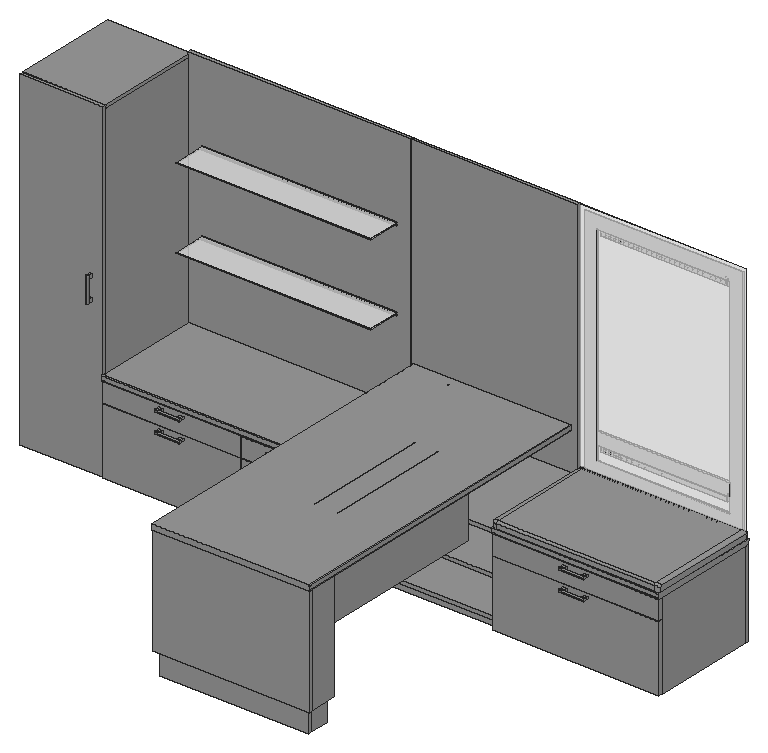
Revit family "JSI-Vision-Typical_Veneer-VSV135", category Furniture, Revit 2020
Family settings
  OmniClass Number = 23.40.20.00
  OmniClass Title = General Furniture and Specialties
  Work Plane-Based = No
  Always vertical = Yes
  Cut with Voids When Loaded = No
  Shared = No
  Room Calculation Point = No
Parameters (values of type "VSV135")
  URL = "www.jsifurniture.com"
  Type Comments = "Typical Veneer"  # constant formula
  Model = "VSV135"
  Manufacturer = "JSI"  # constant formula
  Keynote = "12500"
  Default Elevation = 0"
  Assembly Code = "E2020200"
Reference planes (in)
  plane 1 "Center Front/Back": y = 0
  plane 2: z = 0
  plane 3 "Center Left/Right": x = 0
Dimensions and locks (in)
  aligned and locked: level to plane 2
Nested families (in)
  nested 1: "JSI-Vision-Bench_Height_Cushion" at (101.875, 0, 0.4315), type "VSB2436CUSH, 24d Bench H Cushion, 36 W"
  nested 2: "JSI-Vision-Wall_Panel_Magnetic_Glass" at (101.875, 0, -9.569), type "VSB3653WPGP, Wall Panel Magnetic Glass 52 3/16"H, 36"W"
  nested 3: "JSI-Vision-Wardrobe" at (0, 0, 0), type "VSV2418-72WL - Wardrobe - 1 Doors 30"W x 24"D x 72"H"
    with Vertical Partition no, Top-Right Shelve no, Width 18", Unit Centre 8 15/16", Shelve Width 7 13/16", Right surface Dist. to Vertical Partition 3/4", Right Door no, Pull Distance 15 1/4", Left Shelves no, Height 72", Hanging Bar Distance 6 3/4", Door Width 17 3/4", Bottom-Right Shelves yes, Adjustable Shelves Array Distance 13.95", Actual Width 17 7/8", Actual Height 71 11/16", # of Adjustable Shelves 4
  nested 4: "JSI-Vision-Wall_Panel_Markerboard_Laminate-Glass_Shelf" at (17.875, 0, 0.1185), type "VSV4853WPGS, Wall Panel with Glass Shelf 52 3/16"H, 48"W"
    with Two Shelves yes, Qty Shelf 2, One Shelf no, Dist Shelf 17 13/32", Width 48", Height 52 3/16"
  nested 5: "JSI-Vision-Box_File_Modular_Bench_Pedestal" at (47.875, -0.125, 0), type "VSVB2418MBF - Veneer BF Modular Bench H Ped"
    with Height 18.744", Depth 24"
  nested 6: "JSI-Vision-Box_File_Modular_Bench_Pedestal" at (17.875, -0.125, 0), type "VSVB2430MBF - Veneer BF Modular Bench H Ped"
    with Width 30", Height 18.744", Depth 24"
  nested 7: "JSI-Vision-Box_File_Modular_Bench_Pedestal" at (101.875, 0, 0), type "VSVB2436MBF - Veneer BF Modular Bench H Ped"
    with Width 36", Height 18.744", Depth 24"
  nested 8: "JSI-Vision-Bench_Height_Modular_Top" at (101.875, 0, -0.756), type "VSVB2436MT, Veneer Mod Bench H Top, 24" x 36""
    with Width 36", Depth 24"
  nested 9: "JSI-Vision-Bench_Height_Modular_Top" at (17.875, -0.125, -0.756), type "VSVB2448MT, Veneer Mod Bench H Top, 24" x 48""
    with Width 48", Depth 24"
  nested 10: "JSI-Vision-Adj_Height_Peninsula_Desk-Credenza" at (101.875, 0, 0) x (0, -1, 0) z (0, 0, 1), type "VSVB3672-AH24PDR, Adj Height Peninsula Desk Credenza 20"H, 72"W"
  nested 11: "JSI-Vision-Wall_Panel_Laminate" at (65.875, 0, -9.5685), type "VSV3653WP, Veneer Wall Panel - 7 15/16d x 36w x 52 3/16h"
    with Width 36", Height 52.187"
  nested 12: "JSI-Vision-Filler_Back_Panel_for_Bench_Height" at (133.875, 0, 0), type "VSVB0419MBK, Filler Back Panel for Bench Height 18 3/4"H, 4"W"
Definition of nested family "JSI-Vision-Bench_Height_Cushion"
  Parameters (values of type "Type Catalog")
    Width = 36"
    URL = "www.jsifurniture.com"
    Type Comments = ""
    Series = "Vision Casegoods"  # constant formula
    Model = "Type Catalog"
    Material = ""
    Manufacturer = "JSI"  # constant formula
    Keynote = "12500"
    JSI Enviromental Website = "http://www.jsifurniture.com/jsi_sustainability_intro.php"
    Height = 1 1/2"
    Description = "Type Catalog"
    Depth = 24"
    Default Elevation = 0"
    Cushion Finish = none
    Bench Height = 19 1/2"
    Assembly Code = "E2020200"
  Reference planes (in)
    plane 1 "Center Front/Back": y = 0
    plane 2: z = 0
    plane 3 "Center Left/Right": x = 0
    plane 4: z = 0
    plane 5: z = 19.5
    plane 6: z = 21
    plane 7: z = 20.625
    plane 8: x = 36
    plane 9: y = -24
  Forms (in)
    Sweep 1, solid, material <- "Cushion Finish"
      path origin (7.5, 51.481, 49.125) x (0, 1, 0) y (0, 0, 1)
        loop
          line (-51.481, -29.625) -> (-51.481, -28.5625)
          arc (-51.481, -28.5625) -> (-51.60914, -28.25314) -> (-51.9185, -28.125) r 0.4375
          line (-51.9185, -28.125) -> (-75.0435, -28.125)
          arc (-75.0435, -28.125) -> (-75.35286, -28.25314) -> (-75.481, -28.5625) r 0.4375
          line (-75.481, -28.5625) -> (-75.481, -29.625)
      profile origin (7.5, -12, 21) x (0, 0, -1) y (1, 0, 0)
        loop
          line (0.375, -7.5) -> (0.375, 28.5)
          spline (0.375, 28.5) -> (0.32605, 28.49144) -> (0.27794, 28.46593) -> (0.23149, 28.42388) -> (0.1875, 28.36603) -> (0.14671, 28.29335) -> (0.10983, 28.20711) -> (0.07749, 28.10876) -> (0.05024, 28) -> (0.02855, 27.88268) -> (0.01278, 27.75882) -> (0.00321, 27.63053) -> (0, 27.5)
          line (0, 27.5) -> (0, -6.5)
          spline (0, -6.5) -> (0.00321, -6.63053) -> (0.01278, -6.75882) -> (0.02855, -6.88268) -> (0.05024, -7) -> (0.07749, -7.10876) -> (0.10983, -7.20711) -> (0.14671, -7.29335) -> (0.1875, -7.36603) -> (0.23149, -7.42388) -> (0.27794, -7.46593) -> (0.32605, -7.49144) -> (0.375, -7.5)
    Extrusion 2, solid, material <- "Cushion Finish"
      sketch origin (7.5, 51.481, 49.125) x (0, 1, 0) y (0, 0, 1)
        loop
          line (-51.856, -29.625) -> (-51.856, -28.5625)
          arc (-51.856, -28.5625) -> (-51.87431, -28.51831) -> (-51.9185, -28.5) r 0.0625
          line (-51.9185, -28.5) -> (-75.0435, -28.5)
          arc (-75.0435, -28.5) -> (-75.0877, -28.51831) -> (-75.106, -28.5625) r 0.0625
          line (-75.106, -28.5625) -> (-75.106, -29.625) -> (-51.856, -29.625)
      from -7.5 to 28.5
  Lines and regions (in)
    symbolic lines
      curve 1: line (36, -0.375, 0) -> (36, -23.625, 0)
      curve 2: line (35, -24, 0) -> (1, -24, 0)
      curve 3: spline (0, -23.625, 0) -> (0.00856, -23.67395, 0) -> (0.03407, -23.72206, 0) -> (0.07612, -23.76851, 0) -> (0.13397, -23.8125, 0) -> (0.20665, -23.85329, 0) -> (0.29289, -23.89017, 0) -> (0.39124, -23.92251, 0) -> (0.5, -23.94976, 0) -> (0.61732, -23.97145, 0) -> (0.74118, -23.98722, 0) -> (0.86947, -23.99679, 0) -> (1, -24, 0)
      curve 4: spline (36, -23.625, 0) -> (35.99144, -23.67395, 0) -> (35.96593, -23.72206, 0) -> (35.92388, -23.76851, 0) -> (35.86603, -23.8125, 0) -> (35.79335, -23.85329, 0) -> (35.70711, -23.89017, 0) -> (35.60876, -23.92251, 0) -> (35.5, -23.94976, 0) -> (35.38268, -23.97145, 0) -> (35.25882, -23.98722, 0) -> (35.13053, -23.99679, 0) -> (35, -24, 0)
      curve 5: line (1, 0, 0) -> (35, 0, 0)
      curve 6: spline (36, -0.375, 0) -> (35.99144, -0.32605, 0) -> (35.96593, -0.27794, 0) -> (35.92388, -0.23149, 0) -> (35.86603, -0.1875, 0) -> (35.79335, -0.14671, 0) -> (35.70711, -0.10983, 0) -> (35.60876, -0.07749, 0) -> (35.5, -0.05024, 0) -> (35.38268, -0.02855, 0) -> (35.25882, -0.01278, 0) -> (35.13053, -0.00321, 0) -> (35, 0, 0)
      curve 7: spline (0, -0.375, 0) -> (0.00856, -0.32605, 0) -> (0.03407, -0.27794, 0) -> (0.07612, -0.23149, 0) -> (0.13397, -0.1875, 0) -> (0.20665, -0.14671, 0) -> (0.29289, -0.10983, 0) -> (0.39124, -0.07749, 0) -> (0.5, -0.05024, 0) -> (0.61732, -0.02855, 0) -> (0.74118, -0.01278, 0) -> (0.86947, -0.00321, 0) -> (1, 0, 0)
      curve 8: line (0, -0.375, 0) -> (0, -23.625, 0)
  Dimensions and locks (in)
    "Height": plane 6 to plane 5
    locked: plane 7 to plane 5 at 1.125
    "Bench Height": plane 5 to level
    "Width": plane 3 "Center Left/Right" to plane 8
    "Depth": plane 1 "Center Front/Back" to plane 9
    locked: Sweep 1 sketch curve to plane 3 "Center Left/Right" at 1
    locked: Sweep 1 sketch curve to plane 8 at 1
    aligned and locked: level to plane 2
    aligned and locked: level to plane 4
    aligned and locked: Sweep 1 to plane 5
    aligned and locked: Extrusion 2 to Sweep 1  (x3)
    aligned and locked: Extrusion 2 to plane 3 "Center Left/Right"
    aligned and locked: Extrusion 2 to plane 8
    aligned and locked: plane 1 "Center Front/Back" to Sweep 1 sketch curve
    aligned and locked: plane 9 to Sweep 1 sketch curve
    aligned and locked: Sweep 1 sketch curve to plane 6
  Automatic sketch dimensions
    Sweep 1 sketch curve to plane 5 = 0"  (x2)
    Sweep 1 sketch curve to plane 7 = 1/16"
    plane 1 "Center Front/Back" to Sweep 1 sketch curve = 7/16"
    Sweep 1 sketch curve to profile plane = 0"
    Sweep 1 sketch curve to profile plane = 3/8"
    Sweep 1 sketch curve to Sweep 1 sketch curve = 1"  (x2)
    Extrusion 2 sketch curve to plane 5 = 0"
    Extrusion 2 sketch curve to plane 7 = 0"
    plane 9 to Extrusion 2 sketch curve = 3/8"
    Extrusion 2 sketch curve to plane 7 = 1/16"
    plane 1 "Center Front/Back" to Extrusion 2 sketch curve = 7/16"
    plane 1 "Center Front/Back" to Extrusion 2 sketch curve = 3/8"
    curve 3 to plane 3 "Center Left/Right" = 0"
    curve 3 to plane 9 = 0"
    plane 1 "Center Front/Back" to curve 7 = 0"
    curve 4 to plane 8 = 0"
    plane 3 "Center Left/Right" to curve 2 = 1"
    plane 3 "Center Left/Right" to curve 5 = 1"
    plane 8 to curve 5 = 1"
    plane 8 to curve 2 = 1"
    plane 9 to curve 1 = 3/8"
    plane 1 "Center Front/Back" to curve 1 = 3/8"
    plane 9 to curve 3 = 3/8"
    plane 1 "Center Front/Back" to curve 8 = 3/8"
Definition of nested family "JSI-Vision-Wall_Panel_Magnetic_Glass"
  Parameters (values of type "VSB3653WPGP, Wall Panel Magnetic Glass 52 3/16"H, 36"W")
    Width = 36"
    URL = "www.jsifurniture.com"
    Type Comments = ""
    Series = "Vision Casegoods"  # constant formula
    Model = "VSB3653WPGP"
    Material = ""
    Manufacturer = "JSI"  # constant formula
    Keynote = "12500"  # constant formula
    SVX Enviromental Website = "http://www.jsifurniture.com/jsi_sustainability_intro.php"
    Height = 52 3/16"
    Hardware Finish = none
    Description = "Wall Panel Magnetic Glass -  7/16\"D x 36\"W x 52 3/16\"H"
    Depth = 7/16"
    Panel Finish = none
    Default Elevation = 0"
    Assembly Code = "E2020200"
  Types (2): name | Model | Height | Description
    VSB3653WPGP, Wall Panel Magnetic Glass 52 3/16"H, 36"W | "VSB3653WPGP" | 52 3/16" | "Wall Panel Magnetic Glass -  7/16\"D x 36\"W x 52 3/16\"H"
    VSB3654WPGP, Wall Panel Magnetic Glass 54 1/2"H, 36"W | "VSB3654WPGP" | 54 1/2" | "Wall Panel Magnetic Glass -  7/16\"D x 36\"W x 54 1/2\"H"
  Reference planes (in)
    plane 1 "Center Front/Back": y = 0
    plane 2: z = 0
    plane 3 "Center Left/Right": x = 0
    plane 4: z = 0
    plane 5: z = 81.6875
    plane 6: x = 36
    plane 7: y = -0.4375
    plane 8: z = 29.5
  Forms (in)
    Extrusion 1, solid, material <- "Panel Finish"
      sketch origin (0, -0.25, 0) x (1, 0, 0) y (0, 0, 1)
        loop
          line (0, 81.6875) -> (0, 29.5) -> (36, 29.5) -> (36, 81.6875) -> (0, 81.6875)
      from 0.03002 to 0.1875
    Sweep 2, solid, material <- "Hardware Finish"
      path origin (0, 0, 0) x (1, 0, 0) y (0, 0, 1)
        loop
          line (1, 80.6875) -> (1, 30.5) -> (35, 30.5) -> (35, 80.6875) -> (1, 80.6875)
      profile origin (18, 0, 80.6875) x (0, 0, 1) y (0, -1, 0)
        loop
          line (0, 0) -> (0, 0.28002) -> (-2.66142, 0.28002) -> (-2.66142, 0.20128) -> (-2.18898, 0.20128) -> (-2.18898, 0.07874) -> (-2.66142, 0.07874) -> (-2.66142, 0) -> (0, 0)
    Extrusion 3, solid, material <- "Hardware Finish"
      sketch origin (0, 0, 0) x (0, 1, 0) y (0, 0, 1)
        loop
          line (0, 36.40108) -> (0, 39.0625) -> (-0.28002, 39.0625) -> (-0.28002, 36.40108) -> (-0.20128, 36.40108) -> (-0.20128, 36.95226) -> (-0.07874, 36.95226) -> (-0.07874, 36.40108) -> (0, 36.40108)
      from 32.33858 to 3.66142
    Extrusion 4, solid, material <- "Hardware Finish"
      sketch origin (0, 0, 0) x (0, 1, 0) y (0, 0, 1)
        loop
          line (-0.1808, 36.95191) -> (-0.1808, 36.15) -> (-0.0558, 36.15) -> (-0.0558, 35.15) -> (0.0192, 35.15) -> (0.0192, 35.23062)
          arc (0.0192, 35.23062) -> (-0.01092, 35.26074) -> (0.0192, 35.29087) r 0.03012
          line (0.0192, 35.29087) -> (0.0192, 35.35562)
          arc (0.0192, 35.35562) -> (-0.01092, 35.38574) -> (0.0192, 35.41587) r 0.03012
          line (0.0192, 35.41587) -> (0.0192, 35.48062)
          arc (0.0192, 35.48062) -> (-0.01092, 35.51074) -> (0.0192, 35.54087) r 0.03012
          line (0.0192, 35.54087) -> (0.0192, 35.60562)
          arc (0.0192, 35.60562) -> (-0.01092, 35.63574) -> (0.0192, 35.66587) r 0.03012
          line (0.0192, 35.66587) -> (0.0192, 35.73062)
          arc (0.0192, 35.73062) -> (-0.01092, 35.76074) -> (0.0192, 35.79087) r 0.03012
          line (0.0192, 35.79087) -> (0.0192, 35.85562)
          arc (0.0192, 35.85562) -> (-0.01092, 35.88574) -> (0.0192, 35.91587) r 0.03012
          line (0.0192, 35.91587) -> (0.0192, 35.98062)
          arc (0.0192, 35.98062) -> (-0.01092, 36.01074) -> (0.0192, 36.04087) r 0.03012
          line (0.0192, 36.04087) -> (0.0192, 36.4) -> (-0.0858, 36.4) -> (-0.0858, 36.95191) -> (-0.1808, 36.95191)
        loop
          line (-0.1808, 78.57691) -> (-0.1808, 77.775) -> (-0.0558, 77.775) -> (-0.0558, 76.775) -> (0.0192, 76.775) -> (0.0192, 76.85562)
          arc (0.0192, 76.85562) -> (-0.01092, 76.88574) -> (0.0192, 76.91587) r 0.03012
          line (0.0192, 76.91587) -> (0.0192, 76.98062)
          arc (0.0192, 76.98062) -> (-0.01092, 77.01074) -> (0.0192, 77.04087) r 0.03012
          line (0.0192, 77.04087) -> (0.0192, 77.10562)
          arc (0.0192, 77.10562) -> (-0.01092, 77.13574) -> (0.0192, 77.16587) r 0.03012
          line (0.0192, 77.16587) -> (0.0192, 77.23062)
          arc (0.0192, 77.23062) -> (-0.01092, 77.26074) -> (0.0192, 77.29087) r 0.03012
          line (0.0192, 77.29087) -> (0.0192, 77.35562)
          arc (0.0192, 77.35562) -> (-0.01092, 77.38574) -> (0.0192, 77.41587) r 0.03012
          line (0.0192, 77.41587) -> (0.0192, 77.48062)
          arc (0.0192, 77.48062) -> (-0.01092, 77.51074) -> (0.0192, 77.54087) r 0.03012
          line (0.0192, 77.54087) -> (0.0192, 77.60562)
          arc (0.0192, 77.60562) -> (-0.01092, 77.63574) -> (0.0192, 77.66587) r 0.03012
          line (0.0192, 77.66587) -> (0.0192, 78.025) -> (-0.0858, 78.025) -> (-0.0858, 78.57691) -> (-0.1808, 78.57691)
      from 31.715 to 4.285
  Lines and regions (in)
    symbolic lines
      curve 1: line (0, -0.28002, 0) -> (36, -0.28002, 0)
      curve 2: line (0, -0.4375, 0) -> (0, -0.28002, 0)
      curve 3: line (36, -0.4375, 0) -> (0, -0.4375, 0)
      curve 4: line (36, -0.28002, 0) -> (36, -0.4375, 0)
      curve 5: line (1, -0.28002, 0) -> (1, 0, 0)
      curve 6: line (1, 0, 0) -> (35, 0, 0)
      curve 7: line (35, 0, 0) -> (35, -0.28002, 0)
  Dimensions and locks (in)
    "Width": plane 3 "Center Left/Right" to plane 6
    "Depth": plane 1 "Center Front/Back" to plane 7
    locked: plane 1 "Center Front/Back" to Extrusion 1 at 0.28002
    locked: plane 8 to plane 4 at 29.5
    "Height": plane 5 to plane 8
    locked: plane 5 to Sweep 2 sketch curve at 1
    locked: Sweep 2 sketch curve to plane 8 at 1
    locked: Sweep 2 sketch curve to plane 3 "Center Left/Right" at 1
    locked: Sweep 2 sketch curve to plane 6 at 1
    plane 5 to Sweep 2 sketch curve to Sweep 2 sketch curve to Sweep 2 sketch curve = 1" locked, 2.18898" locked, 0.47244" locked
    Extrusion 3 sketch curve to Extrusion 3 sketch curve to Extrusion 3 sketch curve to plane 8 = 2.11024" locked, 0.55118" locked, 6.90108" locked
    plane 8 to Extrusion 4 sketch curve to Extrusion 4 sketch curve to Extrusion 4 sketch curve to Extrusion 4 sketch curve to Extrusion 4 sketch curve to Extrusion 4 sketch curve to Extrusion 4 sketch curve to Extrusion 4 sketch curve to Extrusion 4 sketch curve to Extrusion 4 sketch curve to Extrusion 4 sketch curve = 5.65" locked, 0.11074" locked, 1/8" locked, 1/8" locked, 1/8" locked, 1/8" locked, 1/8" locked, 1/8" locked, 0.13926" locked, 1/4" locked, 0.55191" locked
    Extrusion 4 sketch curve to Extrusion 4 sketch curve to Extrusion 4 sketch curve to Extrusion 4 sketch curve to Extrusion 4 sketch curve to Extrusion 4 sketch curve to Extrusion 4 sketch curve to Extrusion 4 sketch curve to Extrusion 4 sketch curve to Extrusion 4 sketch curve to Extrusion 4 sketch curve to plane 5 = 0.11074" locked, 1/8" locked, 1/8" locked, 1/8" locked, 1/8" locked, 1/8" locked, 1/8" locked, 0.13926" locked, 1/4" locked, 0.55191" locked, 3.11059" locked
    locked: plane 3 "Center Left/Right" to Extrusion 4 at 4.285
    locked: plane 6 to Extrusion 4 at 4.285
    aligned and locked: level to plane 2
    aligned and locked: plane 3 "Center Left/Right" to Extrusion 1 sketch curve
    aligned and locked: plane 6 to Extrusion 1 sketch curve
    aligned and locked: Extrusion 1 to plane 7
    aligned and locked: Extrusion 1 to plane 6
    aligned and locked: Extrusion 1 to plane 3 "Center Left/Right"
    aligned and locked: Sweep 2 sketch curve to Sweep 2 sketch curve
    aligned and locked: Extrusion 1 to plane 8
    aligned and locked: Extrusion 3 sketch curve to Extrusion 3 sketch curve
    aligned and locked: Sweep 2 to Extrusion 3  (x2)
    aligned and locked: Extrusion 3 to Sweep 2
    aligned and locked: curve 1 to Extrusion 1
    aligned and locked: curve 2 to Extrusion 1
    aligned and locked: curve 3 to Extrusion 1
    aligned and locked: curve 4 to Extrusion 1
  Automatic sketch dimensions
    Extrusion 1 sketch curve to plane 8 = 0"
    Extrusion 1 sketch curve to plane 5 = 0"
    Sweep 2 sketch curve to plane 1 "Center Front/Back" = 0"
    Sweep 2 sketch curve to Sweep 2 sketch curve = 0.07874"
    Sweep 2 sketch curve to Sweep 2 sketch curve = 0.12254"
    Sweep 2 sketch curve to Sweep 2 sketch curve = 0.28002"
    Extrusion 3 sketch curve to plane 1 "Center Front/Back" = 0"
    plane 1 "Center Front/Back" to Extrusion 3 sketch curve = 0.07874"
    Extrusion 3 sketch curve to Extrusion 3 sketch curve = 0.12254"
    Extrusion 3 sketch curve to Extrusion 3 sketch curve = 0.07874"
    plane 1 "Center Front/Back" to Extrusion 4 sketch curve = 0.1808"  (x2)
    plane 1 "Center Front/Back" to Extrusion 4 sketch curve = 0.0858"  (x2)
    plane 1 "Center Front/Back" to Extrusion 4 sketch curve = 0.0558"  (x2)
    Extrusion 4 sketch curve to plane 1 "Center Front/Back" = 0.0192"  (x2)
    Extrusion 4 sketch curve to Extrusion 4 sketch curve = 0.03012"  (x14)
    plane 1 "Center Front/Back" to curve 6 = 0"
    plane 3 "Center Left/Right" to curve 6 = 1"
    curve 7 to curve 1 = 1"
Definition of nested family "JSI-Vision-Wardrobe"
  Parameters (values of type "Type Catalog")
    Vertical Partition = yes
    Top-Right Shelve = yes
    Top = none
    Width = 36"
    Unit Centre = Actual Width / 2  # 17 15/16"
    URL = "www.jsifurniture.com"
    Type Comments = ""
    Tag = "Storage/Wardrobe"
    Shelve Width = (Actual Width - 2 1/4") / 2  # 16 13/16"
    Shelve Depth = Depth - 2 13/16"  # 21 3/16"
    Series = "Vision Casegoods"  # constant formula
    Right surface Dist. to Vertical Partition = if(Vertical Partition, (Unit Centre + 3/8"), 3/4")  # 18 5/16"
    Right Door = yes
    Pull Finish = none
    Pull Distance = Door Width - 2 1/2"  # 15 5/16"
    Model = "Type Catalog"
    Material = ""
    Manufacturer = "JSI"  # constant formula
    Left Shelves = yes
    Left Door = yes
    Keynote = "12500"
    JSI Enviromental Website = "http://www.jsifurniture.com/jsi_sustainability_intro.php"
    Height = 84"
    Hanging Bar Distance = if(Height > 72", (Adjustable Shelves Array Distance + 6 3/4"), 6 3/4")  # 20 3/8"
    Door Width = if(Vertical Partition, ((Actual Width - (1/4")) / 2), (Actual Width - 1/8"))  # 17 13/16"
    Door Front = none
    Description = "Type Catalog"
    Depth = 24"
    Default Elevation = 0"
    Chassis = none
    Bottom-Right Shelves = no
    Assembly Code = "E2020200"
    Adjustable Shelves Array Distance = (Actual Height - 1 15/16") / (# of Adjustable Shelves + 1)  # 13 5/8"
    Actual Width = Width - 1/8"  # 35 7/8"
    Actual Height = if(Height > 54", (Height - 5/16"), (if(Height > 42", (Height + 1 1/8"), if(Height > 30", (Height - 3/8"), (Height - 13/16")))))  # 83 11/16"
    # of Adjustable Shelves = if(Height > 72", 5, 4)  # 5
  Reference planes (in)
    plane 1 "Center Front/Back": y = 0
    plane 2: z = 0
    plane 3 "Center Left/Right": x = 0
    plane 4: z = 0
    plane 5: x = 35.875
    plane 6: y = -0.125
    plane 7: y = -23
    plane 8: z = 83.6875
    plane 9: y = -0.875
    plane 10: y = -22.8125
    plane 11: y = -22.0625
    plane 12: x = 0.75
    plane 13: x = 35.125
    plane 14: z = 1.1875
    plane 15: z = 1.9375
    plane 16: z = 82.9375
    plane 17: z = 83.3125
    plane 18: z = 15.1875
    plane 19: z = 28.8125
    plane 20: z = 42.4375
    plane 21: z = 56.0625
    plane 22: z = 69.6875
    plane 23: z = 70.0625
    plane 24: z = 69.3125
    plane 25: z = 56.4375
    plane 26: z = 55.6875
    plane 27: z = 42.8125
    plane 28: z = 42.0625
    plane 29: z = 29.1875
    plane 30: z = 28.4375
    plane 31: z = 15.5625
    plane 32: z = 14.8125
    plane 33: x = 17.9375
    plane 34: x = 0.0625
    plane 35: x = 35.8125
    plane 36: x = 18
    plane 37: x = 17.875
    plane 38: z = 0.125
    plane 39: y = -23.125
    plane 40: y = -23.875
    plane 41: z = 1.5625
    plane 42: x = 18.3125
    plane 43: x = 17.5625
    plane 44: y = -24
    plane 45: z = 83.625
    plane 46: z = 63.3125
    plane 47: y = -11.5625
    plane 48: z = 41.84375
    plane 49: x = 20.5
    plane 50: x = 15.375
    plane 51: z = 20.3125
    plane 52: z = 19.5625
    plane 53: x = 18.3125
  Forms (in)
    Extrusion 1, solid, material <- "Chassis"
      sketch origin (0, 0, 0) x (1, 0, 0) y (0, 1, 0)
        loop
          line (0, -0.125) -> (0, -0.875) -> (35.875, -0.875) -> (35.875, -0.125) -> (0, -0.125)
      from 0 to 82.9375
    Extrusion 2, solid, material <- "Chassis"
      sketch origin (0, 0, 0) x (1, 0, 0) y (0, 1, 0)
        loop
          line (0, -0.875) -> (0, -23) -> (0.75, -23) -> (0.75, -0.875) -> (0, -0.875)
      from 0 to 82.9375
    Extrusion 3, solid, material <- "Chassis"
      sketch origin (0, 0, 0) x (1, 0, 0) y (0, 1, 0)
        loop
          line (35.125, -0.875) -> (35.125, -23) -> (35.875, -23) -> (35.875, -0.875) -> (35.125, -0.875)
      from 0 to 82.9375
    Extrusion 4, solid, material <- "Top"
      sketch origin (0, 0, 0) x (0, 1, 0) y (0, 0, 1)
        loop
          line (-0.125, 83.6875) -> (-23, 83.6875) -> (-23, 82.9375) -> (-0.125, 82.9375) -> (-0.125, 83.6875)
      from 0 to 35.875
    Extrusion 5, solid, material <- "Chassis"
      sketch origin (0, 0, 0) x (0, 1, 0) y (0, 0, 1)
        loop
          line (-0.875, 1.9375) -> (-22.0625, 1.9375) -> (-22.0625, 1.1875) -> (-0.875, 1.1875) -> (-0.875, 1.9375)
      from 0.75 to 35.125
    Extrusion 6, solid, material <- "Chassis"
      sketch origin (0, 0, 0) x (0, 1, 0) y (0, 0, 1)
        loop
          line (-22.0625, 1.9375) -> (-22.8125, 1.9375) -> (-22.8125, 0) -> (-22.0625, 0) -> (-22.0625, 1.9375)
      from 0.75 to 35.125
    Extrusion 7, solid, material <- "Door Front", visible <- "Left Door"
      sketch origin (0, 0, 0) x (1, 0, 0) y (0, 1, 0)
        loop
          line (0.0625, -23.125) -> (0.0625, -23.875) -> (17.875, -23.875) -> (17.875, -23.125) -> (0.0625, -23.125)
      from 0.125 to 83.625
    Extrusion 8, solid, material <- "Door Front", visible <- "Right Door"
      sketch origin (0, 0, 0) x (1, 0, 0) y (0, 1, 0)
        loop
          line (18, -23.125) -> (18, -23.875) -> (35.8125, -23.875) -> (35.8125, -23.125) -> (18, -23.125)
      from 0.125 to 83.625
    Extrusion 9, solid, material <- "Chassis", visible <- "Vertical Partition"
      sketch origin (0, 0, 0) x (1, 0, 0) y (0, 1, 0)
        loop
          line (17.5625, -0.875) -> (17.5625, -23) -> (18.3125, -23) -> (18.3125, -0.875) -> (17.5625, -0.875)
      from 1.9375 to 82.9375
    Extrusion 10, solid, material <- "Chassis", visible <- "Left Shelves"
      sketch origin (0, 0, 0) x (0, 1, 0) y (0, 0, 1)
        loop
          line (-0.875, 15.5625) -> (-22.0625, 15.5625) -> (-22.0625, 14.8125) -> (-0.875, 14.8125) -> (-0.875, 15.5625)
      from 0.75 to 17.5625
    Extrusion 11, solid, material <- "Chassis", visible <- "Top-Right Shelve"
      sketch origin (0, 0, 0) x (0, 1, 0) y (0, 0, 1)
        loop
          line (-0.875, 70.0625) -> (-22.0625, 70.0625) -> (-22.0625, 69.3125) -> (-0.875, 69.3125) -> (-0.875, 70.0625)
      from 18.3125 to 35.125
    Extrusion 12, solid, material <- "Pull Finish"
      sketch origin (0, 0, 0) x (0, 1, 0) y (0, 0, 1)
        loop
          circle (-11.5625, 63.3125) r 0.5
      from 18.3125 to 35.125
    Extrusion 13, solid, material <- "Chassis", visible <- "Left Shelves"
      sketch origin (0, 0, 13.625) x (0, 1, 0) y (0, 0, 1)
        loop
          line (-0.875, 15.5625) -> (-22.0625, 15.5625) -> (-22.0625, 14.8125) -> (-0.875, 14.8125) -> (-0.875, 15.5625)
      from 0.75 to 17.5625
    Extrusion 14, solid, material <- "Chassis", visible <- "Left Shelves"
      sketch origin (0, 0, 27.25) x (0, 1, 0) y (0, 0, 1)
        loop
          line (-0.875, 15.5625) -> (-22.0625, 15.5625) -> (-22.0625, 14.8125) -> (-0.875, 14.8125) -> (-0.875, 15.5625)
      from 0.75 to 17.5625
    Extrusion 15, solid, material <- "Chassis", visible <- "Left Shelves"
      sketch origin (0, 0, 40.875) x (0, 1, 0) y (0, 0, 1)
        loop
          line (-0.875, 15.5625) -> (-22.0625, 15.5625) -> (-22.0625, 14.8125) -> (-0.875, 14.8125) -> (-0.875, 15.5625)
      from 0.75 to 17.5625
    Extrusion 16, solid, material <- "Chassis", visible <- "Bottom-Right Shelves"
      sketch origin (0, 0, 0) x (0, 1, 0) y (0, 0, 1)
        loop
          line (-22.0625, 29.1875) -> (-22.0625, 28.4375) -> (-0.875, 28.4375) -> (-0.875, 29.1875) -> (-22.0625, 29.1875)
      from 18.3125 to 35.125
    Extrusion 17, solid, material <- "Chassis", visible <- "Bottom-Right Shelves"
      sketch origin (0, 0, 0) x (0, 1, 0) y (0, 0, 1)
        loop
          line (-22.0625, 20.3125) -> (-22.0625, 19.5625) -> (-0.875, 19.5625) -> (-0.875, 20.3125) -> (-22.0625, 20.3125)
      from 18.3125 to 35.125
    Extrusion 18, solid, material <- "Chassis", visible <- "Left Shelves"
      sketch origin (0, 0, 54.5) x (0, 1, 0) y (0, 0, 1)
        loop
          line (-0.875, 15.5625) -> (-22.0625, 15.5625) -> (-22.0625, 14.8125) -> (-0.875, 14.8125) -> (-0.875, 15.5625)
      from 0.75 to 17.5625
  Lines and regions (in)
    symbolic lines
      curve 1: line (35.875, -0.125, 0) -> (0, -0.125, 0)
      curve 2: line (0, -0.125, 0) -> (0, -23, 0)
      curve 3: line (35.875, -23, 0) -> (35.875, -0.125, 0)
      curve 4: line (0, -23, 0) -> (35.875, -23, 0)
      curve 5: line (17.875, -23.875, 0) -> (17.875, -23.125, 0)
      curve 6: line (0.0625, -23.875, 0) -> (17.875, -23.875, 0)
      curve 7: line (17.875, -23.125, 0) -> (0.0625, -23.125, 0)
      curve 8: line (0.0625, -23.125, 0) -> (0.0625, -23.875, 0)
      curve 9: line (35.8125, -23.125, 20.3125) -> (18, -23.125, 20.3125)
      curve 10: line (18, -23.875, 20.3125) -> (35.8125, -23.875, 20.3125)
      curve 11: line (18, -23.125, 20.3125) -> (18, -23.875, 20.3125)
      curve 12: line (35.8125, -23.875, 20.3125) -> (35.8125, -23.125, 20.3125)
  Dimensions and locks (in)
    locked: plane 6 to plane 1 "Center Front/Back" at 0.125
    plane 7 to plane 10 to plane 11 = 3/16" locked, 3/4" locked
    locked: plane 3 "Center Left/Right" to plane 12 at 0.75
    locked: plane 13 to plane 5 at 0.75
    plane 15 to plane 14 to plane 4 = 3/4" locked, 1 3/16" locked
    locked: plane 8 to plane 16 at 0.75
    locked: plane 17 to plane 16 at 0.375
    plane 23 to plane 22 to plane 24 = 3/8" locked, 3/8" locked
    plane 25 to plane 21 to plane 26 = 3/8" locked, 3/8" locked
    plane 27 to plane 20 to plane 28 = 3/8" locked, 3/8" locked
    plane 29 to plane 19 to plane 30 = 3/8" locked, 3/8" locked
    plane 31 to plane 18 to plane 32 = 3/8" locked, 3/8" locked
    "Actual Width": plane 3 "Center Left/Right" to plane 5
    "Unit Centre": plane 3 "Center Left/Right" to plane 33
    "Actual Height": plane 8 to plane 4
    locked: plane 3 "Center Left/Right" to plane 34 at 0.0625
    locked: plane 35 to plane 5 at 0.0625
    plane 40 to plane 39 to plane 7 = 3/4" locked, 1/8" locked
    "Door Width": plane 34 to plane 37
    "Door Width": plane 36 to plane 35
    locked: plane 15 to plane 41 at 0.375
    plane 43 to plane 33 to plane 42 = 3/8" locked, 3/8" locked
    "Depth": plane 44 to plane 1 "Center Front/Back"
    locked: plane 44 to plane 40 at 0.125
    "Adjustable Shelves Array Distance": Extrusion 10 to plane 15
    locked: plane 8 to plane 45 at 0.0625
    "Adjustable Shelves Array Distance": plane 17 to plane 22
    equal spacing: plane 6, plane 47, plane 7
    equal spacing: plane 8, plane 48, plane 4
    "Shelve Depth": Extrusion 10 sketch curve to Extrusion 10 sketch curve
    "Shelve Depth": Extrusion 13 sketch curve to Extrusion 13 sketch curve
    equal spacing: group 1, group 2, group 3, group 4, group 5  (x3)
    "Shelve Width": Extrusion 10 to Extrusion 10
    "Shelve Depth": Extrusion 14 sketch curve to Extrusion 14 sketch curve
    "Shelve Width": Extrusion 14 to Extrusion 14
    "Shelve Depth": Extrusion 15 sketch curve to Extrusion 15 sketch curve
    "Shelve Width": Extrusion 15 to Extrusion 15
    "Shelve Width": Extrusion 13 to Extrusion 13
    "Hanging Bar Distance": plane 8 to plane 46
    "Adjustable Shelves Array Distance": Extrusion 13 to Extrusion 10
    plane 30 to plane 51 to plane 52 = 8 1/8" locked, 3/4" locked
    "Pull Distance": plane 49 to plane 35
    "Pull Distance": plane 34 to plane 50
    "Right surface Dist. to Vertical Partition": plane 53 to plane 3 "Center Left/Right"
    "Shelve Depth": Extrusion 18 sketch curve to Extrusion 18 sketch curve
    "Shelve Width": Extrusion 18 to Extrusion 18
    locked: plane 38 to plane 4 at 0.125
    radius of Extrusion 12 sketch curve = 1/2"
    aligned and locked: level to plane 2
    aligned and locked: plane 6 to Extrusion 1 sketch curve
    aligned and locked: Extrusion 1 sketch curve to plane 9
    aligned and locked: Extrusion 1 sketch curve to plane 5
    aligned and locked: plane 3 "Center Left/Right" to Extrusion 1 sketch curve
    aligned and locked: Extrusion 1 to plane 4
    aligned and locked: plane 16 to Extrusion 1
    aligned and locked: plane 3 "Center Left/Right" to Extrusion 2 sketch curve
    aligned and locked: Extrusion 2 sketch curve to plane 12
    aligned and locked: Extrusion 2 sketch curve to plane 7
    aligned and locked: plane 9 to Extrusion 2 sketch curve
    aligned and locked: plane 13 to Extrusion 3 sketch curve
    aligned and locked: Extrusion 3 sketch curve to plane 5
    aligned and locked: Extrusion 3 sketch curve to plane 7
    aligned and locked: plane 9 to Extrusion 3 sketch curve
    aligned and locked: Extrusion 2 to plane 4
    aligned and locked: Extrusion 3 to plane 4
    aligned and locked: plane 16 to Extrusion 2
    aligned and locked: plane 16 to Extrusion 3
    aligned and locked: plane 16 to Extrusion 4 sketch curve
    aligned and locked: Extrusion 4 sketch curve to plane 8
    aligned and locked: plane 6 to Extrusion 4 sketch curve
    aligned and locked: Extrusion 4 sketch curve to plane 7
    aligned and locked: Extrusion 4 to plane 3 "Center Left/Right"
    aligned and locked: plane 5 to Extrusion 4
    aligned and locked: Extrusion 5 sketch curve to plane 11
    aligned and locked: plane 14 to Extrusion 5 sketch curve
    aligned and locked: Extrusion 5 sketch curve to plane 15
    aligned and locked: plane 9 to Extrusion 5 sketch curve
    aligned and locked: Extrusion 5 to plane 12
    aligned and locked: plane 13 to Extrusion 5
    aligned and locked: plane 11 to Extrusion 6 sketch curve
    aligned and locked: Extrusion 6 sketch curve to plane 10
    aligned and locked: plane 4 to Extrusion 6 sketch curve
    aligned and locked: Extrusion 6 sketch curve to plane 15
    aligned and locked: Extrusion 6 to plane 12
    aligned and locked: plane 13 to Extrusion 6
    aligned and locked: level to plane 4
    aligned and locked: plane 33 to nested 1
    aligned and locked: plane 40 to nested 1
    aligned and locked: plane 39 to Extrusion 7 sketch curve
    aligned and locked: Extrusion 7 sketch curve to plane 40
    aligned and locked: Extrusion 7 sketch curve to plane 37
    aligned and locked: plane 34 to Extrusion 7 sketch curve
    aligned and locked: plane 39 to Extrusion 8 sketch curve
    aligned and locked: Extrusion 8 sketch curve to plane 40
    aligned and locked: Extrusion 8 sketch curve to plane 35
    aligned and locked: plane 36 to Extrusion 8 sketch curve
    aligned and locked: Extrusion 7 to plane 38
    aligned and locked: Extrusion 8 to plane 38
    aligned and locked: plane 43 to Extrusion 9 sketch curve
    aligned and locked: Extrusion 9 sketch curve to plane 42
    aligned and locked: plane 9 to Extrusion 9 sketch curve
    aligned and locked: Extrusion 9 sketch curve to plane 7
    aligned and locked: Extrusion 9 to plane 15
    aligned and locked: plane 16 to Extrusion 9
    aligned and locked: plane 45 to Extrusion 7
    aligned and locked: plane 45 to Extrusion 8
    aligned and locked: Extrusion 11 sketch curve to plane 23
    aligned and locked: plane 24 to Extrusion 11 sketch curve
    aligned and locked: plane 9 to Extrusion 11 sketch curve
    aligned and locked: Extrusion 11 sketch curve to plane 11
    aligned and locked: plane 13 to Extrusion 11
    aligned and locked: plane 13 to Extrusion 12
    aligned and locked: Extrusion 10 to plane 9
    aligned and locked: plane 50 to nested 3
    aligned and locked: plane 49 to nested 2
    aligned and locked: plane 48 to nested 3
    aligned and locked: plane 48 to nested 2
    aligned and locked: plane 43 to Extrusion 10
    aligned and locked: plane 43 to Extrusion 13
    aligned and locked: Extrusion 13 to plane 9
    aligned and locked: plane 40 to nested 3
    aligned and locked: plane 40 to nested 2
    aligned and locked: Extrusion 16 sketch curve to plane 29
    aligned and locked: plane 30 to Extrusion 16 sketch curve
    aligned and locked: plane 9 to Extrusion 16 sketch curve
    aligned and locked: Extrusion 16 sketch curve to plane 11
    aligned and locked: plane 13 to Extrusion 16
    aligned and locked: Extrusion 17 sketch curve to plane 51
    aligned and locked: plane 52 to Extrusion 17 sketch curve
    aligned and locked: Extrusion 17 sketch curve to plane 11
    aligned and locked: plane 9 to Extrusion 17 sketch curve
    aligned and locked: plane 13 to Extrusion 17
    aligned and locked: plane 53 to Extrusion 12
    aligned and locked: plane 53 to Extrusion 11
    aligned and locked: plane 53 to Extrusion 17
    aligned and locked: plane 53 to Extrusion 16
    aligned and locked: curve 1 to Extrusion 4
    aligned and locked: curve 2 to Extrusion 4
    aligned and locked: curve 3 to Extrusion 4
    aligned and locked: curve 4 to Extrusion 4
    aligned and locked: curve 5 to Extrusion 7
    aligned and locked: curve 6 to Extrusion 7
    aligned and locked: curve 7 to Extrusion 7
    aligned and locked: curve 8 to Extrusion 7
    aligned and locked: curve 9 to Extrusion 8
    aligned and locked: curve 10 to Extrusion 8
    aligned and locked: curve 11 to Extrusion 8
    aligned and locked: curve 12 to Extrusion 8
  Automatic sketch dimensions
    Extrusion 12 sketch curve to plane 46 = 0"
    Extrusion 12 sketch curve to plane 47 = 0"
    Extrusion 10 sketch curve to Extrusion 10 sketch curve = 3/4"
    Extrusion 13 sketch curve to Extrusion 13 sketch curve = 3/4"
    Extrusion 14 sketch curve to Extrusion 14 sketch curve = 3/4"
    Extrusion 15 sketch curve to Extrusion 15 sketch curve = 3/4"
    Extrusion 18 sketch curve to Extrusion 18 sketch curve = 3/4"
  Nested families (in)
    nested 1: "Label 1-16 OH" at (17.9375, -23.875, 0), type "OH DOORS"
    nested 2: "Vertical Bar Pull" at (20.5, -23.875, 41.84375), Pull Finish <- "Pull Finish", visible <- "Right Door", type "PL"
      with Pull Finish none
    nested 3: "Vertical Bar Pull" at (15.375, -23.875, 41.84375), Pull Finish <- "Pull Finish", visible <- "Left Door", type "PL"
      with Pull Finish none
  Definition of nested family "Vertical Bar Pull"
    Parameters
      Pull Finish [instance] = none
      Default Elevation = 0"
    Reference planes (in)
      plane 1 "Center Front/Back": y = 0
      plane 2: z = 0
      plane 3 "Center Left/Right": x = 0
      plane 4: x = -2.68731
      plane 5: x = -1.88731
      plane 6: x = 2.68731
      plane 7: x = 1.88731
      plane 8: y = -1
      plane 9: y = -0.85202
      plane 10: z = 2.68731
      plane 11: z = 1.88731
      plane 12: z = -1.88731
      plane 13: z = -2.68731
    Forms (in)
      Extrusion 1, solid, material <- "Pull Finish"
        sketch origin (0, 0, 0) x (0, 1, 0) y (-1, 0, 0)
          loop
            line (0, -0.2015) -> (0, 0.2015) -> (-0.85202, 0.2015)
            arc (-0.85202, 0.2015) -> (-0.75, 0) -> (-0.85202, -0.2015) r 0.25
            line (-0.85202, -0.2015) -> (0, -0.2015)
        from 1.88731 to 2.68731
      Extrusion 2, solid, material <- "Pull Finish"
        sketch origin (0, 0, 0) x (0, 1, 0) y (-1, 0, 0)
          loop
            circle (-1, 0) r 0.25
        from -2.68731 to 2.68731
      Extrusion 3, solid, material <- "Pull Finish"
        sketch origin (0, 0, 0) x (1, 0, 0) y (0, 1, 0)
          loop
            line (0.2015, 0) -> (-0.2015, 0) -> (-0.2015, -0.85202)
            arc (-0.2015, -0.85202) -> (0, -0.75) -> (0.2015, -0.85202) r 0.25
            line (0.2015, -0.85202) -> (0.2015, 0)
        from 1.88731 to 2.68731
      Extrusion 4, solid, material <- "Pull Finish"
        sketch origin (0, 0, -4.57462) x (1, 0, 0) y (0, 1, 0)
          loop
            line (0.2015, 0) -> (-0.2015, 0) -> (-0.2015, -0.85202)
            arc (-0.2015, -0.85202) -> (0, -0.75) -> (0.2015, -0.85202) r 0.25
            line (0.2015, -0.85202) -> (0.2015, 0)
        from 1.88731 to 2.68731
    Dimensions and locks (in)
      plane 4 to plane 5 to plane 3 "Center Left/Right" to plane 7 to plane 6 = 0.8" locked, 1.88731" locked, 1.88731" locked, 0.8" locked
      plane 8 to plane 9 to plane 1 "Center Front/Back" = 0.14798" locked, 0.85202" locked
      plane 13 to plane 12 to plane 2 to plane 11 to plane 10 = 0.8" locked, 1.88731" locked, 1.88731" locked, 0.8" locked
      plane 1 "Center Front/Back" to plane 9 to plane 8 = 0.85202" locked, 0.14798" locked
      aligned and locked: level to plane 2
      aligned and locked: plane 8 to Extrusion 2 sketch curve
      aligned and locked: Extrusion 3 to plane 1 "Center Front/Back"
      aligned and locked: Extrusion 1 to plane 1 "Center Front/Back"
      aligned and locked: Extrusion 4 to plane 1 "Center Front/Back"
      aligned and locked: Extrusion 3 to plane 10
      aligned and locked: Extrusion 3 to plane 11
      aligned and locked: Extrusion 2 to plane 10
      aligned and locked: Extrusion 2 to plane 13
      aligned and locked: Extrusion 4 to plane 13
      aligned and locked: Extrusion 4 to plane 12
      aligned and locked: plane 1 "Center Front/Back" to Extrusion 4
      aligned and locked: plane 1 "Center Front/Back" to Extrusion 3
      aligned and locked: Extrusion 4 to plane 9
      aligned and locked: Extrusion 3 to plane 9
  Definition of nested family "Label 1-16 OH"
    Parameters
      Width = 1"
      Model Name = "Storage/Wardrobe"
    Reference planes (in)
      plane 1: y = 0
      plane 2: x = 0
    Text (in)
      label "XX" at (0.00051, -0.12324, 0), shows "Model Name"
Definition of nested family "JSI-Vision-Wall_Panel_Markerboard_Laminate-Glass_Shelf"
  Parameters (values of type "Wall Panel with Glass Shelf - Type Catalog")
    Width = 60"
    URL = "www.jsifurniture.com"
    Type Comments = ""
    Two Shelves [instance] = yes
    Shelf Finish = none
    Series = "Vision Casegoods"  # constant formula
    Qty Shelf [instance] = if(One Shelf, 1, 2)  # 2
    Overall Height = 72"  # constant formula
    One Shelf [instance] = no
    Model = "Type Catalog"
    Manufacturer = "JSI"  # constant formula
    Keynote = "12500"  # constant formula
    SVX Enviromental Website = "http://www.jsifurniture.com/jsi_sustainability_intro.php"
    Height = 42 1/2"
    Hardware Finish = none
    Dist Shelf [instance] = if(and(One Shelf), Height / 2, if(and(Two Shelves, Height = 54 1/2"), 18 5/32", if(and(Two Shelves, Height = 52 3/16"), 17 13/32", if(and(Two Shelves, Height = 42 1/2"), 14 5/32", 13 3/256"))))  # 14 5/32"
    Description = "Type Catalog"
    Depth = 7 15/16"
    Panel Finish = none
    Default Elevation = 0"
    Assembly Code = "E2020200"
  Reference planes (in)
    plane 1 "Center Front/Back": y = 0
    plane 2: z = 0
    plane 3 "Center Left/Right": x = 0
    plane 4: z = 0
    plane 5: z = 72
    plane 6: x = 60
    plane 7: y = -7.9375
    plane 8: z = 29.5
    plane 9: z = 57.84375
    plane 10: z = 43.65625
  Forms (in)
    Extrusion 1, solid, material <- "Panel Finish"
      sketch origin (0, -0.25, 0) x (1, 0, 0) y (0, 0, 1)
        loop
          line (0, 72) -> (0, 29.5) -> (60, 29.5) -> (60, 72) -> (0, 72)
      from -0.05 to 0.7
    Extrusion 2, solid, material <- "Shelf Finish"
      sketch origin (0, 0, 0.90625) x (0, 1, 0) y (0, 0, 1)
        loop
          line (-0.18812, 56.81939) -> (-0.18812, 57.05561) -> (-7.89875, 57.05561) -> (-7.9375, 57.01624) -> (-7.9375, 56.85814) -> (-7.89875, 56.81939) -> (-0.18812, 56.81939)
      from 3.03125 to 56.96875
    Extrusion 3, solid, material <- "Hardware Finish"
      sketch origin (0, 0, 0.90625) x (0, 1, 0) y (0, 0, 1)
        loop
          line (-0.2, 58.27748) -> (-0.2, 57.80524) -> (-0.73233, 57.27291) -> (-0.99939, 57.27291) -> (-0.99939, 57.1204) -> (-0.12906, 57.1204) -> (-0.12906, 56.7546) -> (-0.99939, 56.7546) -> (-0.99939, 56.60209) -> (-0.73233, 56.60209) -> (-0.2, 56.06976) -> (-0.2, 55.59752) -> (-0.10488, 55.59752) -> (-0.10488, 56.14319) -> (-0.56378, 56.60209) -> (-0.03647, 56.60209) -> (-0.03647, 57.27291) -> (-0.56378, 57.27291) -> (-0.10488, 57.73181) -> (-0.10488, 58.27748) -> (-0.2, 58.27748)
      from 3.0625 to 56.9375
    Extrusion 4, solid, material <- "Hardware Finish"
      sketch origin (0, 0, 0) x (0, 1, 0) y (0, 0, 1)
        loop
          line (-0.095, 33.125) -> (-0.2, 33.125) -> (-0.2, 32.25) -> (-0.075, 32.25) -> (-0.075, 31.25) -> (0, 31.25) -> (0, 31.33062) -> (-0.03197, 31.33062) -> (-0.03197, 31.39087) -> (0, 31.39087) -> (0, 31.45562) -> (-0.03197, 31.45562) -> (-0.03197, 31.51587) -> (0, 31.51587) -> (0, 31.58062) -> (-0.03197, 31.58062) -> (-0.03197, 31.64087) -> (0, 31.64087) -> (0, 31.70562) -> (-0.03197, 31.70562) -> (-0.03197, 31.76587) -> (0, 31.76587) -> (0, 31.83062) -> (-0.03197, 31.83062) -> (-0.03197, 31.89087) -> (0, 31.89087) -> (0, 31.95562) -> (-0.03197, 31.95562) -> (-0.03197, 32.01587) -> (0, 32.01587) -> (0, 32.08062) -> (-0.03197, 32.08062) -> (-0.03197, 32.14087) -> (0, 32.14087) -> (0, 32.5) -> (-0.095, 32.5) -> (-0.095, 33.125)
        loop
          line (-0.095, 67.875) -> (-0.2, 67.875) -> (-0.2, 67) -> (-0.075, 67) -> (-0.075, 66) -> (0, 66) -> (0, 66.08062) -> (-0.03197, 66.08062) -> (-0.03197, 66.14087) -> (0, 66.14087) -> (0, 66.20562) -> (-0.03197, 66.20562) -> (-0.03197, 66.26587) -> (0, 66.26587) -> (0, 66.33062) -> (-0.03197, 66.33062) -> (-0.03197, 66.39087) -> (0, 66.39087) -> (0, 66.45562) -> (-0.03197, 66.45562) -> (-0.03197, 66.51587) -> (0, 66.51587) -> (0, 66.58062) -> (-0.03197, 66.58062) -> (-0.03197, 66.64087) -> (0, 66.64087) -> (0, 66.70562) -> (-0.03197, 66.70562) -> (-0.03197, 66.76587) -> (0, 66.76587) -> (0, 66.83062) -> (-0.03197, 66.83062) -> (-0.03197, 66.89087) -> (0, 66.89087) -> (0, 67.25) -> (-0.095, 67.25) -> (-0.095, 67.875)
      from 1 to 59
    Extrusion 5, solid, material <- "Hardware Finish"
      sketch origin (0, 0, 0) x (0, 1, 0) y (0, 0, 1)
        loop
          line (-0.105, 67.25) -> (0, 67.25) -> (0, 68.125) -> (-0.125, 68.125) -> (-0.125, 69.125) -> (-0.2, 69.125) -> (-0.2, 69.04438) -> (-0.16803, 69.04438) -> (-0.16803, 68.98413) -> (-0.2, 68.98413) -> (-0.2, 68.91938) -> (-0.16803, 68.91938) -> (-0.16803, 68.85913) -> (-0.2, 68.85913) -> (-0.2, 68.79438) -> (-0.16803, 68.79438) -> (-0.16803, 68.73413) -> (-0.2, 68.73413) -> (-0.2, 68.66938) -> (-0.16803, 68.66938) -> (-0.16803, 68.60913) -> (-0.2, 68.60913) -> (-0.2, 68.54438) -> (-0.16803, 68.54438) -> (-0.16803, 68.48413) -> (-0.2, 68.48413) -> (-0.2, 68.41938) -> (-0.16803, 68.41938) -> (-0.16803, 68.35913) -> (-0.2, 68.35913) -> (-0.2, 68.29438) -> (-0.16803, 68.29438) -> (-0.16803, 68.23413) -> (-0.2, 68.23413) -> (-0.2, 67.875) -> (-0.105, 67.875) -> (-0.105, 67.25)
        loop
          line (-0.105, 32.5) -> (0, 32.5) -> (0, 33.375) -> (-0.125, 33.375) -> (-0.125, 34.375) -> (-0.2, 34.375) -> (-0.2, 34.29438) -> (-0.16803, 34.29438) -> (-0.16803, 34.23413) -> (-0.2, 34.23413) -> (-0.2, 34.16938) -> (-0.16803, 34.16938) -> (-0.16803, 34.10913) -> (-0.2, 34.10913) -> (-0.2, 34.04438) -> (-0.16803, 34.04438) -> (-0.16803, 33.98413) -> (-0.2, 33.98413) -> (-0.2, 33.91938) -> (-0.16803, 33.91938) -> (-0.16803, 33.85913) -> (-0.2, 33.85913) -> (-0.2, 33.79438) -> (-0.16803, 33.79438) -> (-0.16803, 33.73413) -> (-0.2, 33.73413) -> (-0.2, 33.66938) -> (-0.16803, 33.66938) -> (-0.16803, 33.60913) -> (-0.2, 33.60913) -> (-0.2, 33.54438) -> (-0.16803, 33.54438) -> (-0.16803, 33.48413) -> (-0.2, 33.48413) -> (-0.2, 33.125) -> (-0.105, 33.125) -> (-0.105, 32.5)
      from 2 to 7
    Extrusion 6, solid, material <- "Hardware Finish"
      sketch origin (36, 0, 0) x (0, 1, 0) y (0, 0, -1)
        loop
          line (-0.105, -67.25) -> (-0.105, -67.875) -> (-0.2, -67.875) -> (-0.2, -68.23413) -> (-0.16803, -68.23413) -> (-0.16803, -68.29438) -> (-0.2, -68.29438) -> (-0.2, -68.35913) -> (-0.16803, -68.35913) -> (-0.16803, -68.41938) -> (-0.2, -68.41938) -> (-0.2, -68.48413) -> (-0.16803, -68.48413) -> (-0.16803, -68.54438) -> (-0.2, -68.54438) -> (-0.2, -68.60913) -> (-0.16803, -68.60913) -> (-0.16803, -68.66938) -> (-0.2, -68.66938) -> (-0.2, -68.73413) -> (-0.16803, -68.73413) -> (-0.16803, -68.79438) -> (-0.2, -68.79438) -> (-0.2, -68.85913) -> (-0.16803, -68.85913) -> (-0.16803, -68.91938) -> (-0.2, -68.91938) -> (-0.2, -68.98413) -> (-0.16803, -68.98413) -> (-0.16803, -69.04438) -> (-0.2, -69.04438) -> (-0.2, -69.125) -> (-0.125, -69.125) -> (-0.125, -68.125) -> (0, -68.125) -> (0, -67.25) -> (-0.105, -67.25)
        loop
          line (-0.105, -32.5) -> (-0.105, -33.125) -> (-0.2, -33.125) -> (-0.2, -33.48413) -> (-0.16803, -33.48413) -> (-0.16803, -33.54438) -> (-0.2, -33.54438) -> (-0.2, -33.60913) -> (-0.16803, -33.60913) -> (-0.16803, -33.66938) -> (-0.2, -33.66938) -> (-0.2, -33.73413) -> (-0.16803, -33.73413) -> (-0.16803, -33.79438) -> (-0.2, -33.79438) -> (-0.2, -33.85913) -> (-0.16803, -33.85913) -> (-0.16803, -33.91938) -> (-0.2, -33.91938) -> (-0.2, -33.98413) -> (-0.16803, -33.98413) -> (-0.16803, -34.04438) -> (-0.2, -34.04438) -> (-0.2, -34.10913) -> (-0.16803, -34.10913) -> (-0.16803, -34.16938) -> (-0.2, -34.16938) -> (-0.2, -34.23413) -> (-0.16803, -34.23413) -> (-0.16803, -34.29438) -> (-0.2, -34.29438) -> (-0.2, -34.375) -> (-0.125, -34.375) -> (-0.125, -33.375) -> (0, -33.375) -> (0, -32.5) -> (-0.105, -32.5)
      from -22 to -17
    Extrusion 7, solid, material <- "Shelf Finish"
      sketch origin (0, 0, -12.34375) x (0, 1, 0) y (0, 0, 1)
        loop
          line (-0.18812, 55.88189) -> (-0.18812, 56.11811) -> (-7.89875, 56.11811) -> (-7.9375, 56.07874) -> (-7.9375, 55.92064) -> (-7.89875, 55.88189) -> (-0.18812, 55.88189)
      from 3.03125 to 56.96875
    Extrusion 8, solid, material <- "Hardware Finish"
      sketch origin (0, 0, -12.34375) x (0, 1, 0) y (0, 0, 1)
        loop
          line (-0.2, 57.33998) -> (-0.2, 56.86774) -> (-0.73233, 56.33541) -> (-0.99939, 56.33541) -> (-0.99939, 56.1829) -> (-0.12906, 56.1829) -> (-0.12906, 55.8171) -> (-0.99939, 55.8171) -> (-0.99939, 55.66459) -> (-0.73233, 55.66459) -> (-0.2, 55.13226) -> (-0.2, 54.66002) -> (-0.10488, 54.66002) -> (-0.10488, 55.20569) -> (-0.56378, 55.66459) -> (-0.03647, 55.66459) -> (-0.03647, 56.33541) -> (-0.56378, 56.33541) -> (-0.10488, 56.79431) -> (-0.10488, 57.33998) -> (-0.2, 57.33998)
      from 3.0625 to 56.9375
  Lines and regions (in)
    symbolic lines
      curve 1: line (0, -0.2, 0) -> (60, -0.2, 0)
      curve 2: line (0, -0.95, 0) -> (0, -0.2, 0)
      curve 3: line (60, -0.95, 0) -> (0, -0.95, 0)
      curve 4: line (60, -0.2, 0) -> (60, -0.95, 0)
      curve 5: line (3.03125, -0.95, 0) -> (3.03125, -7.9375, 0)
      curve 6: line (3.03125, -7.9375, 0) -> (56.96875, -7.9375, 0)
      curve 7: line (56.96875, -7.9375, 0) -> (56.96875, -0.95, 0)
      curve 8: line (1, -0.2, 0) -> (1, 0, 0)
      curve 9: line (1, 0, 0) -> (59, 0, 0)
      curve 10: line (59, 0, 0) -> (59, -0.2, 0)
  Dimensions and locks (in)
    "Height": plane 5 to plane 8
    "Width": plane 3 "Center Left/Right" to plane 6
    "Depth": plane 1 "Center Front/Back" to plane 7
    plane 8 to plane 4 = 29 1/2"
    locked: plane 3 "Center Left/Right" to Extrusion 3 at 3.0625
    locked: Extrusion 3 to plane 6 at 3.0625
    locked: plane 3 "Center Left/Right" to Extrusion 2 at 3.03125
    locked: plane 6 to Extrusion 2 at 3.03125
    plane 1 "Center Front/Back" to Extrusion 4 sketch curve to Extrusion 4 sketch curve to Extrusion 4 sketch curve = 0.075" locked, 0.02" locked, 0.105" locked  (x2)
    Extrusion 5 to Extrusion 5 to Extrusion 4 to plane 3 "Center Left/Right" = 5" locked, 1" locked, 1" locked
    plane 6 to Extrusion 4 to Extrusion 6 to Extrusion 6 = 1" locked, 1" locked, 5" locked
    Extrusion 4 sketch curve to Extrusion 4 sketch curve to Extrusion 4 sketch curve to Extrusion 4 sketch curve to Extrusion 4 sketch curve to Extrusion 4 sketch curve to Extrusion 4 sketch curve to Extrusion 4 sketch curve to Extrusion 4 sketch curve to Extrusion 4 sketch curve to Extrusion 4 sketch curve to Extrusion 4 sketch curve to Extrusion 4 sketch curve to Extrusion 4 sketch curve to Extrusion 4 sketch curve to Extrusion 4 sketch curve to Extrusion 4 sketch curve to Extrusion 4 sketch curve to plane 8 = 5/8" locked, 1/4" locked, 0.10913" locked, 0.06025" locked, 0.06475" locked, 0.06025" locked, 0.06475" locked, 0.06025" locked, 0.06475" locked, 0.06025" locked, 0.06475" locked, 0.06025" locked, 0.06475" locked, 0.06025" locked, 0.06475" locked, 0.06025" locked, 0.08062" locked, 1 3/4" locked
    plane 5 to Extrusion 4 sketch curve to Extrusion 4 sketch curve to Extrusion 4 sketch curve to Extrusion 4 sketch curve to Extrusion 4 sketch curve to Extrusion 4 sketch curve to Extrusion 4 sketch curve to Extrusion 4 sketch curve to Extrusion 4 sketch curve to Extrusion 4 sketch curve to Extrusion 4 sketch curve to Extrusion 4 sketch curve to Extrusion 4 sketch curve to Extrusion 4 sketch curve to Extrusion 4 sketch curve to Extrusion 4 sketch curve to Extrusion 4 sketch curve to Extrusion 4 sketch curve = 4 1/8" locked, 5/8" locked, 1/4" locked, 0.10913" locked, 0.06025" locked, 0.06475" locked, 0.06025" locked, 0.06475" locked, 0.06025" locked, 0.06475" locked, 0.06025" locked, 0.06475" locked, 0.06025" locked, 0.06475" locked, 0.06025" locked, 0.06475" locked, 0.06025" locked, 0.08062" locked
    Extrusion 5 sketch curve to Extrusion 5 sketch curve to Extrusion 5 sketch curve to Extrusion 5 sketch curve = 0.075" locked, 0.02" locked, 0.105" locked  (x2)
    Extrusion 5 sketch curve to Extrusion 5 sketch curve to Extrusion 5 sketch curve to Extrusion 5 sketch curve to Extrusion 5 sketch curve to Extrusion 5 sketch curve to Extrusion 5 sketch curve to Extrusion 5 sketch curve to Extrusion 5 sketch curve to Extrusion 5 sketch curve to Extrusion 5 sketch curve to Extrusion 5 sketch curve to Extrusion 5 sketch curve to Extrusion 5 sketch curve to Extrusion 5 sketch curve to Extrusion 5 sketch curve to Extrusion 5 sketch curve to Extrusion 5 sketch curve to plane 5 = 5/8" locked, 1/4" locked, 0.10913" locked, 0.06025" locked, 0.06475" locked, 0.06025" locked, 0.06475" locked, 0.06025" locked, 0.06475" locked, 0.06025" locked, 0.06475" locked, 0.06025" locked, 0.06475" locked, 0.06025" locked, 0.06475" locked, 0.06025" locked, 0.08062" locked, 2 7/8" locked
    plane 8 to Extrusion 5 sketch curve to Extrusion 5 sketch curve to Extrusion 5 sketch curve to Extrusion 5 sketch curve to Extrusion 5 sketch curve to Extrusion 5 sketch curve to Extrusion 5 sketch curve to Extrusion 5 sketch curve to Extrusion 5 sketch curve to Extrusion 5 sketch curve to Extrusion 5 sketch curve to Extrusion 5 sketch curve to Extrusion 5 sketch curve to Extrusion 5 sketch curve to Extrusion 5 sketch curve to Extrusion 5 sketch curve to Extrusion 5 sketch curve to Extrusion 5 sketch curve = 3" locked, 5/8" locked, 1/4" locked, 0.10913" locked, 0.06025" locked, 0.06475" locked, 0.06025" locked, 0.06475" locked, 0.06025" locked, 0.06475" locked, 0.06025" locked, 0.06475" locked, 0.06025" locked, 0.06475" locked, 0.06025" locked, 0.06475" locked, 0.06025" locked, 0.08062" locked
    Extrusion 6 sketch curve to Extrusion 6 sketch curve to Extrusion 6 sketch curve to Extrusion 6 sketch curve = 0.075" locked, 0.02" locked, 0.105" locked  (x2)
    Extrusion 6 sketch curve to Extrusion 6 sketch curve to Extrusion 6 sketch curve to Extrusion 6 sketch curve to Extrusion 6 sketch curve to Extrusion 6 sketch curve to Extrusion 6 sketch curve to Extrusion 6 sketch curve to Extrusion 6 sketch curve to Extrusion 6 sketch curve to Extrusion 6 sketch curve to Extrusion 6 sketch curve to Extrusion 6 sketch curve to Extrusion 6 sketch curve to Extrusion 6 sketch curve to Extrusion 6 sketch curve to Extrusion 6 sketch curve to Extrusion 6 sketch curve = 0.08062" locked, 0.06025" locked, 0.06475" locked, 0.06025" locked, 0.06475" locked, 0.06025" locked, 0.06475" locked, 0.06025" locked, 0.06475" locked, 0.06025" locked, 0.06475" locked, 0.06025" locked, 0.06475" locked, 0.06025" locked, 0.10913" locked, 1/4" locked, 5/8" locked  (x2)
    "Overall Height": plane 5 to plane 4
    Extrusion 3 sketch curve to Extrusion 3 sketch curve to Extrusion 3 sketch curve to Extrusion 3 sketch curve to Extrusion 3 sketch curve to plane 9 to Extrusion 3 sketch curve to Extrusion 3 sketch curve to Extrusion 3 sketch curve to Extrusion 3 sketch curve to Extrusion 3 sketch curve = 0.47224", 0.07343", 0.4589", 0.15251", 0.1829", 0.1829", 0.15251", 0.4589", 0.07343", 0.47224"
    Extrusion 2 sketch curve to Extrusion 2 sketch curve to plane 9 to Extrusion 2 sketch curve to Extrusion 2 sketch curve = 0.03937" locked, 0.07874" locked, 0.07936" locked, 0.03875" locked
    "Dist Shelf": plane 10 to plane 8
    "Dist Shelf": plane 5 to plane 9
    locked: plane 3 "Center Left/Right" to Extrusion 8 at 3.0625
    locked: plane 6 to Extrusion 8 at 3.0625
    aligned and locked: level to plane 2
    aligned and locked: plane 3 "Center Left/Right" to Extrusion 1 sketch curve
    aligned and locked: plane 6 to Extrusion 1 sketch curve
    aligned and locked: Extrusion 1 to plane 6
    aligned and locked: Extrusion 1 to plane 3 "Center Left/Right"
    aligned and locked: Extrusion 1 to plane 8
    aligned and locked: Extrusion 3 sketch curve to Extrusion 3 sketch curve  (x2)
    aligned and locked: Extrusion 4 sketch curve to Extrusion 4 sketch curve  (x14)
    aligned and locked: Extrusion 5 sketch curve to Extrusion 5 sketch curve  (x14)
    aligned and locked: Extrusion 6 sketch curve to Extrusion 6 sketch curve  (x14)
    aligned and locked: curve 1 to Extrusion 1
    aligned and locked: curve 2 to Extrusion 1
    aligned and locked: curve 3 to Extrusion 1
    aligned and locked: curve 4 to Extrusion 1
    aligned and locked: Extrusion 8 sketch curve to Extrusion 8 sketch curve  (x2)
    aligned and locked: Extrusion 7 to Extrusion 2
  Automatic sketch dimensions
    plane 1 "Center Front/Back" to curve 8 = 0"
    curve 6 to plane 7 = 0"
    plane 3 "Center Left/Right" to curve 8 = 1"
    plane 3 "Center Left/Right" to curve 6 = 3 1/32"
    plane 6 to curve 6 = 3 1/32"
    plane 6 to curve 10 = 1"
    Extrusion 1 sketch curve to plane 8 = 0"
    Extrusion 1 sketch curve to plane 5 = 0"
    Extrusion 2 sketch curve to plane 7 = 0"
    plane 7 to Extrusion 2 sketch curve = 0.03875"  (x2)
    plane 1 "Center Front/Back" to Extrusion 2 sketch curve = 0.18812"
    plane 1 "Center Front/Back" to Extrusion 3 sketch curve = 0.99939"
    Extrusion 3 sketch curve to Extrusion 3 sketch curve = 0"
    Extrusion 3 sketch curve to Extrusion 3 sketch curve = 0.26706"  (x2)
    Extrusion 3 sketch curve to Extrusion 3 sketch curve = 0.16855"  (x2)
    plane 1 "Center Front/Back" to Extrusion 3 sketch curve = 0.2"  (x2)
    plane 1 "Center Front/Back" to Extrusion 3 sketch curve = 0.12906"
    Extrusion 3 sketch curve to Extrusion 3 sketch curve = 0.09512"  (x2)
    plane 1 "Center Front/Back" to Extrusion 3 sketch curve = 0.03647"
    Extrusion 4 sketch curve to plane 1 "Center Front/Back" = 0"  (x2)
